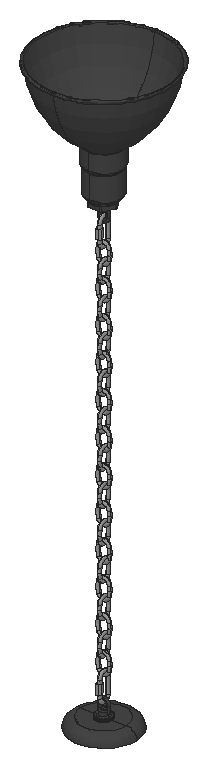
Revit family "BLE-CN-DBW-E26", category Lighting Fixtures, host Face, Revit 2022 (continued)
Definition of nested family "DBW Shade"
  Definition of nested family "SHD-0029"
    Automatic sketch dimensions
      plane 12 "Shade Middle Radious Height2" to Revolve 2 sketch curve = 0' - 0.01135"
      plane 13 "Shade Middle Radius Diameter2" to Revolve 2 sketch curve = 0' - 0 5/128"
      Revolve 2 sketch curve to plane 9 "Shade Middle Radius Height1" = 0' - 0.02116"
      plane 13 "Shade Middle Radius Diameter2" to Revolve 2 sketch curve = 0' - 0.058"
      plane 12 "Shade Middle Radious Height2" to Revolve 2 sketch curve = 0' - 0.02647"
      Revolve 2 sketch curve to plane 11 "Shade Top Radius" = 0' - 0.01572"
      Revolve 2 sketch curve to Revolve 2 sketch curve = 0' - 0 5/128"
      Revolve 2 sketch curve to plane 14 "Bowl Start" = 0' - 0.05012"
      Revolve 2 sketch curve to Revolve 2 sketch curve = 0' - 0.03301"
      Revolve 2 sketch curve to Revolve 2 sketch curve = 0' - 0.04623"
      Revolve 2 sketch curve to plane 13 "Shade Middle Radius Diameter2" = 0' - 0.00261"
      Revolve 2 sketch curve to plane 14 "Bowl Start" = 0' - 0.00204"
      plane 14 "Bowl Start" to Revolve 2 sketch curve = 0' - 0.15101"
      Revolve 2 sketch curve to Revolve 2 sketch curve = 0' - 2.15863"
      plane 10 "Shade Lower Diameter1" to Revolve 2 sketch curve = 0' - 4.40394"
      plane 3 "Center (Left/Right)" to Revolve 2 sketch curve = 0' - 3.5532"
      plane 14 "Bowl Start" to Revolve 2 sketch curve = 0' - 6.13632"
  Definition of nested family "SHD-0114"
    Parameters (values of type "SHD-0114")
      Shade Material = none
      Default Elevation = 2' - 0"
    Reference planes (in)
      plane 1 "Center (Front/Back)": y = 0
      plane 2: z = 0
      plane 3 "Center (Left/Right)": x = 0
      plane 4 "Wood Height": z = 0
    Forms (in)
      Extrusion 1, solid
        sketch origin (0, 0, 0) x (1, 0, 0) y (0, 1, 0)
          loop
            line (-48, 48) -> (-48, -48) -> (48, -48) -> (48, 48) -> (-48, 48)
        from 0 to -12
      Revolve 2, solid, material <- "Shade Material"
        sketch origin (0, 0, 0) x (1, 0, 0) y (0, 0, 1)
          loop
            line (0, 0) -> (0, 0.03906) -> (-1.45545, 0.03906)
            arc (-1.45545, 0.03906) -> (-1.49164, 0.05405) -> (-1.50663, 0.09025) r 0.05119
            line (-1.50663, 0.09025) -> (-1.50663, 2.07228)
            arc (-1.50663, 2.07228) -> (-1.51325, 2.1034) -> (-1.53194, 2.12913) r 0.0765
            line (-1.53194, 2.12913) -> (-1.59895, 2.18946)
            arc (-1.59895, 2.18946) -> (-1.61737, 2.21483) -> (-1.62389, 2.24549) r 0.07539
            line (-1.62389, 2.24549) -> (-1.62389, 3.76049)
            arc (-1.62389, 3.76049) -> (-1.63985, 3.81863) -> (-1.68326, 3.86047) r 0.11386
            arc (-1.68326, 3.86047) -> (-5.12462, 6.95788) -> (-6.79993, 11.27416) r 9.99002
            arc (-6.79993, 11.27416) -> (-6.99505, 11.29998) -> (-6.84047, 11.17815) r 0.10205
            line (-6.84047, 11.17815) -> (-6.86365, 11.20959)
            arc (-6.86365, 11.20959) -> (-6.95906, 11.28479) -> (-6.83863, 11.26885) r 0.06299
            arc (-6.83863, 11.26885) -> (-5.15677, 6.93569) -> (-1.70196, 3.82617) r 10.02909
            arc (-1.70196, 3.82617) -> (-1.67344, 3.79868) -> (-1.66295, 3.76049) r 0.07479
            line (-1.66295, 3.76049) -> (-1.66295, 2.24549)
            arc (-1.66295, 2.24549) -> (-1.65306, 2.19894) -> (-1.62508, 2.16043) r 0.11445
            line (-1.62508, 2.16043) -> (-1.55808, 2.1001)
            arc (-1.55808, 2.1001) -> (-1.54893, 2.08751) -> (-1.54569, 2.07228) r 0.03743
            line (-1.54569, 2.07228) -> (-1.54569, 0.09025)
            arc (-1.54569, 0.09025) -> (-1.51926, 0.02643) -> (-1.45545, 0) r 0.09025
            line (-1.45545, 0) -> (0, 0)
          axis (0, 11.27416) -> (0, 0)
        angle from 0 to 360
    Dimensions and locks (in)
      aligned and locked: plane 2 to Extrusion 1
      aligned and locked: level to Extrusion 1
      aligned and locked: Extrusion 1 to plane 4 "Wood Height"
    Automatic sketch dimensions
      Extrusion 1 sketch curve to Extrusion 1 sketch curve = 8' - 0"  (x2)
      Revolve 2 sketch curve to Revolve 2 sketch curve = 0' - 0"  (x25)
      Revolve 2 sketch curve to level = 0' - 0"
      Revolve 2 sketch curve to plane 3 "Center (Left/Right)" = 0' - 0"  (x2)
      Revolve 2 sketch curve to Revolve 2 sketch curve = 0' - 0.01239"
      Revolve 2 sketch curve to Revolve 2 sketch curve = 0' - 0.07479"
      Revolve 2 sketch curve to Revolve 2 sketch curve = 0' - 0.02318"
      Revolve 2 sketch curve to Revolve 2 sketch curve = 0' - 0.03738"
      Revolve 2 sketch curve to Revolve 2 sketch curve = 0' - 0.03144"
      Revolve 2 sketch curve to Revolve 2 sketch curve = 0' - 0.0507"
      Revolve 2 sketch curve to Revolve 2 sketch curve = 0' - 0.01869"  (x2)
      Revolve 2 sketch curve to Revolve 2 sketch curve = 0' - 2.15863"
      plane 3 "Center (Left/Right)" to Revolve 2 sketch curve = 0' - 3.09734"
      Revolve 2 sketch curve to Revolve 2 sketch curve = 0' - 0.02614"
      Revolve 2 sketch curve to Revolve 2 sketch curve = 0' - 0 5/128"  (x2)
      Revolve 2 sketch curve to Revolve 2 sketch curve = 0' - 1.45545"
      Revolve 2 sketch curve to Revolve 2 sketch curve = 0' - 0.05119"
      Revolve 2 sketch curve to Revolve 2 sketch curve = 0' - 0.02531"
      Revolve 2 sketch curve to Revolve 2 sketch curve = 0' - 0.01656"
      Revolve 2 sketch curve to Revolve 2 sketch curve = 0' - 0.02505"
      Revolve 2 sketch curve to Revolve 2 sketch curve = 0' - 0.05045"
      Revolve 2 sketch curve to plane 3 "Center (Left/Right)" = 0' - 6.84047"
      Revolve 2 sketch curve to Revolve 2 sketch curve = 0' - 1.98204"
      Revolve 2 sketch curve to Revolve 2 sketch curve = 0' - 1.515"
      Revolve 2 sketch curve to Revolve 2 sketch curve = 0' - 7.41765"
      Revolve 2 sketch curve to Revolve 2 sketch curve = 0' - 0.06448"
  Definition of nested family "SHD-0115"
    Parameters (values of type "SHD-0115")
      Shade Material = none
      Default Elevation = 2' - 0"
    Reference planes (in)
      plane 1 "Center (Front/Back)": y = 0
      plane 2: z = 0
      plane 3 "Center (Left/Right)": x = 0
      plane 4 "Wood Height": z = 0
    Forms (in)
      Extrusion 1, solid
        sketch origin (0, 0, 0) x (1, 0, 0) y (0, 1, 0)
          loop
            line (-48, 48) -> (-48, -48) -> (48, -48) -> (48, 48) -> (-48, 48)
        from 0 to -12
      Revolve 2, solid, material <- "Shade Material"
        sketch origin (0, 0, 0) x (1, 0, 0) y (0, 0, 1)
          loop
            line (0, 0) -> (0, 0.03906) -> (-1.45545, 0.03906)
            arc (-1.45545, 0.03906) -> (-1.49164, 0.05405) -> (-1.50663, 0.09025) r 0.05119
            line (-1.50663, 0.09025) -> (-1.50663, 2.07228)
            arc (-1.50663, 2.07228) -> (-1.51325, 2.1034) -> (-1.53194, 2.12913) r 0.0765
            line (-1.53194, 2.12913) -> (-1.59895, 2.18946)
            arc (-1.59895, 2.18946) -> (-1.61737, 2.21483) -> (-1.62389, 2.24549) r 0.07539
            line (-1.62389, 2.24549) -> (-1.62389, 3.76049)
            arc (-1.62389, 3.76049) -> (-1.64115, 3.82076) -> (-1.6877, 3.86276) r 0.11386
            arc (-1.6877, 3.86276) -> (-5.9143, 7.51176) -> (-7.79992, 12.76759) r 10.98102
            arc (-7.79992, 12.76759) -> (-7.99459, 12.80067) -> (-7.84102, 12.67655) r 0.10205
            line (-7.84102, 12.67655) -> (-7.8642, 12.70799)
            arc (-7.8642, 12.70799) -> (-7.95899, 12.7846) -> (-7.83883, 12.76418) r 0.06299
            arc (-7.83883, 12.76418) -> (-5.94651, 7.48965) -> (-1.70487, 3.82767) r 11.02008
            arc (-1.70487, 3.82767) -> (-1.67429, 3.80009) -> (-1.66295, 3.76049) r 0.07479
            line (-1.66295, 3.76049) -> (-1.66295, 2.24549)
            arc (-1.66295, 2.24549) -> (-1.65306, 2.19894) -> (-1.62508, 2.16043) r 0.11445
            line (-1.62508, 2.16043) -> (-1.55808, 2.1001)
            arc (-1.55808, 2.1001) -> (-1.54893, 2.08751) -> (-1.54569, 2.07228) r 0.03743
            line (-1.54569, 2.07228) -> (-1.54569, 0.09025)
            arc (-1.54569, 0.09025) -> (-1.51926, 0.02643) -> (-1.45545, 0) r 0.09025
            line (-1.45545, 0) -> (0, 0)
          axis (0, 12.76759) -> (0, 0)
        angle from 0 to 360
    Dimensions and locks (in)
      aligned and locked: plane 2 to Extrusion 1
      aligned and locked: level to Extrusion 1
      aligned and locked: Extrusion 1 to plane 4 "Wood Height"
    Automatic sketch dimensions
      Extrusion 1 sketch curve to Extrusion 1 sketch curve = 8' - 0"  (x2)
      Revolve 2 sketch curve to Revolve 2 sketch curve = 0' - 0"  (x16)
      Revolve 2 sketch curve to level = 0' - 0"
      Revolve 2 sketch curve to plane 3 "Center (Left/Right)" = 0' - 0"  (x2)
      Revolve 2 sketch curve to Revolve 2 sketch curve = 0' - 1.45545"
      Revolve 2 sketch curve to plane 3 "Center (Left/Right)" = 0' - 1.50663"
      Revolve 2 sketch curve to Revolve 2 sketch curve = 0' - 0.02531"
      Revolve 2 sketch curve to Revolve 2 sketch curve = 0' - 0 5/128"
      Revolve 2 sketch curve to Revolve 2 sketch curve = 0' - 0.01656"
      Revolve 2 sketch curve to Revolve 2 sketch curve = 0' - 0.01239"
      Revolve 2 sketch curve to Revolve 2 sketch curve = 0' - 0.02505"
      Revolve 2 sketch curve to Revolve 2 sketch curve = 0' - 0.05045"
      Revolve 2 sketch curve to Revolve 2 sketch curve = 0' - 0.02494"
      Revolve 2 sketch curve to Revolve 2 sketch curve = 0' - 0.02614"
      Revolve 2 sketch curve to Revolve 2 sketch curve = 0' - 0.07479"
      Revolve 2 sketch curve to Revolve 2 sketch curve = 0' - 0.02318"
      Revolve 2 sketch curve to Revolve 2 sketch curve = 0' - 0.03738"
      plane 3 "Center (Left/Right)" to Revolve 2 sketch curve = 0' - 3.13919"
      Revolve 2 sketch curve to Revolve 2 sketch curve = 0' - 1.98204"
      Revolve 2 sketch curve to Revolve 2 sketch curve = 0' - 1.515"
      Revolve 2 sketch curve to Revolve 2 sketch curve = 0' - 0.03144"
      Revolve 2 sketch curve to Revolve 2 sketch curve = 0' - 0.0507"
      Revolve 2 sketch curve to Revolve 2 sketch curve = 0' - 1.04947"
      Revolve 2 sketch curve to Revolve 2 sketch curve = 0' - 0.03891"
      Revolve 2 sketch curve to Revolve 2 sketch curve = 0' - 0.06448"
      Revolve 2 sketch curve to Revolve 2 sketch curve = 0' - 2.15863"
  Definition of nested family "SHD-0308"
    Parameters (values of type "SHD-0308")
      Shade Material = none
      Default Elevation = 2' - 0"
    Reference planes (in)
      plane 1 "Center (Front/Back)": y = 0
      plane 2: z = 0
      plane 3 "Center (Left/Right)": x = 0
      plane 4 "Wood Height": z = 0
    Forms (in)
      Extrusion 1, solid
        sketch origin (0, 0, 0) x (1, 0, 0) y (0, 1, 0)
          loop
            line (-48, 48) -> (-48, -48) -> (48, -48) -> (48, 48) -> (-48, 48)
        from 0 to -12
      Revolve 2, solid, material <- "Shade Material"
        sketch origin (0, 0, 0) x (1, 0, 0) y (0, 0, 1)
          loop
            line (0, 0) -> (0, 0.03906) -> (-2.22237, 0.03906)
            arc (-2.22237, 0.03906) -> (-2.2742, 0.06053) -> (-2.29567, 0.11236) r 0.0733
            line (-2.29567, 0.11236) -> (-2.29567, 3.09806)
            arc (-2.29567, 3.09806) -> (-2.30835, 3.16758) -> (-2.34475, 3.22814) r 0.19691
            line (-2.34475, 3.22814) -> (-2.42725, 3.32189)
            arc (-2.42725, 3.32189) -> (-2.46224, 3.38009) -> (-2.47442, 3.4469) r 0.18923
            line (-2.47442, 3.4469) -> (-2.47442, 5.72055)
            arc (-2.47442, 5.72055) -> (-2.4994, 5.80773) -> (-2.56677, 5.86845) r 0.16462
            arc (-2.56677, 5.86845) -> (-9.0535, 11.47959) -> (-11.91654, 19.56448) r 16.76616
            arc (-11.91654, 19.56448) -> (-11.93143, 19.59499) -> (-11.96306, 19.60734) r 0.04667
            line (-11.96306, 19.60734) -> (-12.00319, 19.60734)
            arc (-12.00319, 19.60734) -> (-12.07667, 19.53386) -> (-12.00319, 19.46037) r 0.07348
            line (-12.00319, 19.46037) -> (-11.96309, 19.46037) -> (-11.96309, 19.49944) -> (-12.00319, 19.49944)
            arc (-12.00319, 19.49944) -> (-12.03761, 19.53386) -> (-12.00319, 19.56828) r 0.03442
            line (-12.00319, 19.56828) -> (-11.95604, 19.56828)
            arc (-11.95604, 19.56828) -> (-9.08774, 11.46046) -> (-2.58392, 5.83336) r 16.80523
            arc (-2.58392, 5.83336) -> (-2.53254, 5.78704) -> (-2.51348, 5.72055) r 0.12556
            line (-2.51348, 5.72055) -> (-2.51348, 3.4469)
            arc (-2.51348, 3.4469) -> (-2.49878, 3.3663) -> (-2.45658, 3.29609) r 0.22829
            line (-2.45658, 3.29609) -> (-2.37408, 3.20234)
            arc (-2.37408, 3.20234) -> (-2.34489, 3.15379) -> (-2.33473, 3.09806) r 0.15785
            line (-2.33473, 3.09806) -> (-2.33473, 0.11236)
            arc (-2.33473, 0.11236) -> (-2.30182, 0.03291) -> (-2.22237, 0) r 0.11236
            line (-2.22237, 0) -> (0, 0)
          axis (0, 19.60734) -> (0, 0)
        angle from 0 to 360
    Dimensions and locks (in)
      aligned and locked: plane 2 to Extrusion 1
      aligned and locked: level to Extrusion 1
      aligned and locked: Extrusion 1 to plane 4 "Wood Height"
    Automatic sketch dimensions
      Extrusion 1 sketch curve to Extrusion 1 sketch curve = 8' - 0"  (x2)
      Revolve 2 sketch curve to Revolve 2 sketch curve = 0' - 0"  (x24)
      Revolve 2 sketch curve to level = 0' - 0"
      Revolve 2 sketch curve to plane 3 "Center (Left/Right)" = 0' - 0"  (x2)
      Revolve 2 sketch curve to Revolve 2 sketch curve = 0' - 0.01047"
      Revolve 2 sketch curve to Revolve 2 sketch curve = 0' - 0.01002"
      Revolve 2 sketch curve to Revolve 2 sketch curve = 0' - 0.02933"  (x2)
      Revolve 2 sketch curve to Revolve 2 sketch curve = 0' - 0.04717"
      Revolve 2 sketch curve to Revolve 2 sketch curve = 0' - 0.12556"
      Revolve 2 sketch curve to Revolve 2 sketch curve = 0' - 0.00701"
      Revolve 2 sketch curve to Revolve 2 sketch curve = 0' - 0.00004"
      Revolve 2 sketch curve to Revolve 2 sketch curve = 0' - 0.04013"
      plane 3 "Center (Left/Right)" to Revolve 2 sketch curve = 0' - 4.79372"
      Revolve 2 sketch curve to Revolve 2 sketch curve = 0' - 0 5/128"  (x2)
      Revolve 2 sketch curve to Revolve 2 sketch curve = 0' - 2.9857"
      Revolve 2 sketch curve to Revolve 2 sketch curve = 0' - 2.27365"
      Revolve 2 sketch curve to Revolve 2 sketch curve = 0' - 0.03442"
      Revolve 2 sketch curve to Revolve 2 sketch curve = 0' - 0.00761"
      Revolve 2 sketch curve to Revolve 2 sketch curve = 0' - 0.24911"
      Revolve 2 sketch curve to Revolve 2 sketch curve = 0' - 2.15863"
      Revolve 2 sketch curve to Revolve 2 sketch curve = 0' - 2.22237"
      Revolve 2 sketch curve to plane 3 "Center (Left/Right)" = 0' - 2.28519"
      Revolve 2 sketch curve to plane 3 "Center (Left/Right)" = 0' - 11.95604"
      Revolve 2 sketch curve to Revolve 2 sketch curve = 1' - 1.73983"
      Revolve 2 sketch curve to Revolve 2 sketch curve = 1' - 3.07792"
  Definition of nested family "SHD-0223"
    Parameters (values of type "SHD-0223")
      Shade Material = none
      Default Elevation = 2' - 0"
    Reference planes (in)
      plane 1 "Center (Front/Back)": y = 0
      plane 2: z = 0
      plane 3 "Center (Left/Right)": x = 0
      plane 4 "Wood Height": z = 0
    Forms (in)
      Extrusion 1, solid
        sketch origin (0, 0, 0) x (1, 0, 0) y (0, 1, 0)
          loop
            line (-48, 48) -> (-48, -48) -> (48, -48) -> (48, 48) -> (-48, 48)
        from 0 to -12
      Revolve 2, solid, material <- "Shade Material"
        sketch origin (0, 0, 0) x (1, 0, 0) y (0, 0, 1)
          loop
            line (0, 0) -> (0, 0.03906) -> (-1.8485, 0.03906)
            arc (-1.8485, 0.03906) -> (-1.88896, 0.05582) -> (-1.90572, 0.09628) r 0.05722
            line (-1.90572, 0.09628) -> (-1.90572, 2.57881)
            arc (-1.90572, 2.57881) -> (-1.9168, 2.64011) -> (-1.94865, 2.69364) r 0.17504
            line (-1.94865, 2.69364) -> (-2.01787, 2.77327)
            arc (-2.01787, 2.77327) -> (-2.04498, 2.81883) -> (-2.05441, 2.871) r 0.14898
            line (-2.05441, 2.871) -> (-2.05441, 4.7663)
            arc (-2.05441, 4.7663) -> (-2.07634, 4.84285) -> (-2.13548, 4.89618) r 0.14458
            arc (-2.13548, 4.89618) -> (-7.53748, 9.56968) -> (-9.92412, 16.30223) r 13.97395
            arc (-9.92412, 16.30223) -> (-9.93712, 16.32887) -> (-9.96474, 16.33964) r 0.04076
            line (-9.96474, 16.33964) -> (-10.00281, 16.33964)
            arc (-10.00281, 16.33964) -> (-10.06432, 16.27814) -> (-10.00281, 16.21663) r 0.06151
            line (-10.00281, 16.21663) -> (-9.96563, 16.21663) -> (-9.96563, 16.25569) -> (-10.00281, 16.25569)
            arc (-10.00281, 16.25569) -> (-10.02526, 16.27814) -> (-10.00281, 16.30058) r 0.02244
            line (-10.00281, 16.30058) -> (-9.96317, 16.30058)
            arc (-9.96317, 16.30058) -> (-7.57018, 9.5483) -> (-2.15264, 4.86109) r 14.01301
            arc (-2.15264, 4.86109) -> (-2.10948, 4.82217) -> (-2.09348, 4.7663) r 0.10551
            line (-2.09348, 4.7663) -> (-2.09348, 2.871)
            arc (-2.09348, 2.871) -> (-2.08157, 2.80515) -> (-2.04735, 2.74764) r 0.18804
            line (-2.04735, 2.74764) -> (-1.97814, 2.66801)
            arc (-1.97814, 2.66801) -> (-1.95339, 2.62643) -> (-1.94478, 2.57881) r 0.13598
            line (-1.94478, 2.57881) -> (-1.94478, 0.09628)
            arc (-1.94478, 0.09628) -> (-1.91658, 0.0282) -> (-1.8485, 0) r 0.09628
            line (-1.8485, 0) -> (0, 0)
          axis (0, 16.33964) -> (0, 0)
        angle from 0 to 360
    Dimensions and locks (in)
      aligned and locked: plane 2 to Extrusion 1
      aligned and locked: level to Extrusion 1
      aligned and locked: Extrusion 1 to plane 4 "Wood Height"
    Automatic sketch dimensions
      Extrusion 1 sketch curve to Extrusion 1 sketch curve = 8' - 0"  (x2)
      Revolve 2 sketch curve to Revolve 2 sketch curve = 0' - 0"  (x24)
      Revolve 2 sketch curve to level = 0' - 0"
      Revolve 2 sketch curve to plane 3 "Center (Left/Right)" = 0' - 0"  (x2)
      Revolve 2 sketch curve to Revolve 2 sketch curve = 0' - 0.05722"
      Revolve 2 sketch curve to Revolve 2 sketch curve = 0' - 0.00387"
      Revolve 2 sketch curve to Revolve 2 sketch curve = 0' - 0.02948"  (x2)
      Revolve 2 sketch curve to Revolve 2 sketch curve = 0' - 0.06922"
      Revolve 2 sketch curve to Revolve 2 sketch curve = 0' - 0.10551"
      Revolve 2 sketch curve to Revolve 2 sketch curve = 0' - 0.00156"
      Revolve 2 sketch curve to Revolve 2 sketch curve = 0' - 0.0009"
      Revolve 2 sketch curve to Revolve 2 sketch curve = 0' - 0.03807"
      plane 3 "Center (Left/Right)" to Revolve 2 sketch curve = 0' - 4.00263"
      Revolve 2 sketch curve to Revolve 2 sketch curve = 0' - 0 5/128"  (x2)
      Revolve 2 sketch curve to Revolve 2 sketch curve = 0' - 0.02244"
      Revolve 2 sketch curve to Revolve 2 sketch curve = 0' - 0.0017"
      Revolve 2 sketch curve to Revolve 2 sketch curve = 0' - 2.15863"
      Revolve 2 sketch curve to Revolve 2 sketch curve = 0' - 11.59521"
      Revolve 2 sketch curve to Revolve 2 sketch curve = 0' - 1.8485"
      Revolve 2 sketch curve to Revolve 2 sketch curve = 0' - 0.00028"
      Revolve 2 sketch curve to plane 3 "Center (Left/Right)" = 0' - 9.96317"
      Revolve 2 sketch curve to Revolve 2 sketch curve = 0' - 2.48252"
      Revolve 2 sketch curve to Revolve 2 sketch curve = 0' - 1.89529"
      Revolve 2 sketch curve to Revolve 2 sketch curve = 0' - 11.45033"
      Revolve 2 sketch curve to Revolve 2 sketch curve = 0' - 1.11021"
Types (7): name | Light Source | 24" | 20" | 16" | 14" | 12" | 10"
  (no name) | 0' - 4 3/4" | no | no | no | no | no | yes
  10" | 0' - 4 3/4" | no | no | no | no | no | yes
  12" | 0' - 5 19/128" | no | no | no | no | yes | no
  14" | 0' - 5" | no | no | no | yes | no | no
  16" | 0' - 5" | no | no | yes | no | no | no
  20" | 0' - 5" | no | yes | no | no | no | no
  24" | 0' - 5" | yes | no | no | no | no | no
